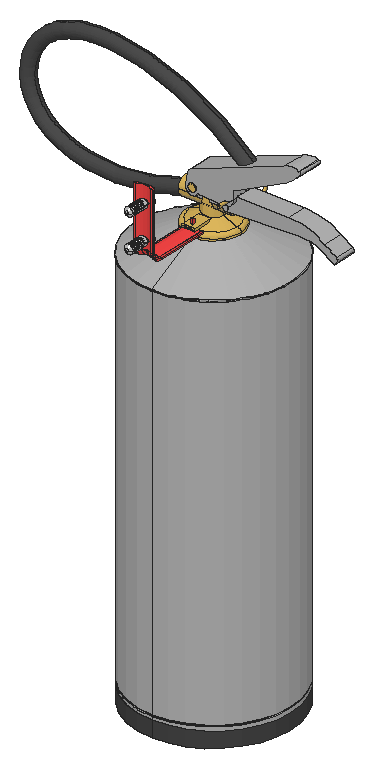
Revit family "Extintor Portátil - K", category Proteção contra incêndio, Revit 2026
Family settings
  Cota do conector redondo = Utilizar diâmetro
  Tipo de parte = Normal
  Com base no plano de trabalho = Não
  Ativar corte nas vistas = Sim
  Sempre na vertical = Sim
  Corte com vazios quando carregada = Não
  Manter orientação da anotação = Não
  Compartilhado = Sim
  Ponto de cálculo do ambiente = Não
Parameters (values of type "2A-K - 6 L")
  Tipo de imagem = extintor k.png
  Tipo = "K"
  SÍMBOLO = yes
  Sinalização de Solo [instance] = no
  Pernambuco = no
  Mato Grosso = no
  IMAGEM SIMBOLO PERNAMBUCO = 0
  IMAGEM SIMBOLO MATO GROSSO = 0
  IMAGEM SIMBOLO DISTRITO FEDERAL = 0
  IMAGEM SIMBOLO DEMAIS ESTADOS = 0
  Formato = "Portátil"
  Distrito Federal = no
  Desloc. Frente [instance] = 20.00 cm
  Desloc. Esquerda [instance] = 0.00 cm
  Descrição = "Extintor Portátil - 2-A:K - 6 L"
  Elevação padrão = 0.00 cm
  DESCRIÇÃO DO MATERIAL = Descrição  # "Extintor Portátil - 2-A:K - 6 L"
  Type Comments = ""
  Demais estados = yes
  Carga = "6 L"
  Capacidade Extintora = "2-A:K"
  Altura Instalada = 160.00 cm
Types (2, lengths in cm): name | Descrição | DESCRIÇÃO DO MATERIAL | Capacidade Extintora
  1A-K - 6 L | "Extintor Portátil - 1-A:K - 6 L" | "Extintor Portátil - 1-A:K - 6 L" | "1-A:K"
  2A-K - 6 L | "Extintor Portátil - 2-A:K - 6 L" | "Extintor Portátil - 2-A:K - 6 L" | "2-A:K"
Reference planes (cm)
  plane 1 "Centro (Frente/Trás)": y = 0
  plane 2: z = 0
  plane 3 "Centro (Esquerda/Direita)": x = 0
  plane 4: z = 160
  plane 5: z = 114.8285
Forms (cm)
  Revolve 1, solid, material "LATÃO", not visible
    sketch origin (512.5, 9.4644, -108.8868) x (1, 0, 0) y (0, 0, -1)
      loop
        line (-515.352, -267.1402) -> (-515.352, -267.3086)
        arc (-515.352, -267.3086) -> (-515.2378, -267.604) -> (-514.9545, -267.7457) r 0.4391
        line (-514.9545, -267.7457) -> (-513.5976, -268.3784) -> (-513.5976, -270.9598) -> (-512.5, -270.9598) -> (-512.5, -267.1402) -> (-515.352, -267.1402)
      axis (-512.5, -270.9598) -> (-512.5, -267.1402)
    angle from 0 to 360
  Extrusion 2, solid, material "LATÃO", not visible
    sketch origin (0, -8.5356, -108.8868) x (0, 1, 0) y (0, 0, -1)
      loop
        circle (18, -269.8519) r 1
    from -2.2901 to 2.852
  Extrusion 3, solid, material "Pintura Vermelha", not visible
    sketch origin (512.5, 11.7385, -108.8868) x (1, 0, 0) y (0, 0, -1)
      loop
        line (-514.431, -270.7615) -> (-514.2399, -271.8201)
        arc (-514.2399, -271.8201) -> (-514.07, -272.1841) -> (-513.7426, -272.4168) r 0.7871
        line (-513.7426, -272.4168) -> (-504.0905, -276.0508)
        arc (-504.0905, -276.0508) -> (-503.3249, -276.2128) -> (-502.5558, -276.0688) r 2
        line (-502.5558, -276.0688) -> (-502.4623, -276.0312)
        arc (-502.4623, -276.0312) -> (-502.359, -275.9073) -> (-502.4054, -275.7529) r 0.1702
        line (-502.4054, -275.7529) -> (-502.8188, -275.3394)
        arc (-502.8188, -275.3394) -> (-503.3151, -274.918) -> (-503.8731, -274.5828) r 4
        line (-503.8731, -274.5828) -> (-509.346, -271.8744) -> (-509.346, -271.0161)
        arc (-509.346, -271.0161) -> (-509.5312, -270.5072) -> (-510.0002, -270.2364) r 0.7917
        line (-510.0002, -270.2364) -> (-510.5886, -270.1327) -> (-513.1244, -270.31)
        arc (-513.1244, -270.31) -> (-513.9703, -269.9786) -> (-514.431, -270.7615) r 0.7
      loop
        circle (-513.7416, -270.6402) r 0.3999
      loop
        circle (-510.1681, -270.511) r 0.174
    from -3.5171 to -1.0457
  Extrusion 4, solid, material "Pintura Vermelha", not visible
    sketch origin (512.5, 11.7385, -108.8868) x (1, 0, 0) y (0, 0, -1)
      loop
        line (-514.4685, -270.738) -> (-514.2111, -271.6263)
        arc (-514.2111, -271.6263) -> (-514.1084, -271.7833) -> (-513.931, -271.8441) r 0.289
        line (-513.931, -271.8441) -> (-509.9322, -271.8441)
        arc (-509.9322, -271.8441) -> (-509.5653, -271.7141) -> (-509.3622, -271.382) r 0.5825
        line (-509.3622, -271.382) -> (-509.3259, -271.2101) -> (-503.785, -271.2101)
        arc (-503.785, -271.2101) -> (-501.8304, -270.9093) -> (-500.0567, -270.0346) r 6.5
        line (-500.0567, -270.0346) -> (-498.8325, -269.1774)
        arc (-498.8325, -269.1774) -> (-498.7163, -268.9761) -> (-498.7958, -268.7576) r 0.275
        line (-498.7958, -268.7576) -> (-499.0612, -268.4922) -> (-500.8253, -269.5254)
        arc (-500.8253, -269.5254) -> (-501.7717, -269.8338) -> (-502.7644, -269.9058) r 4.1122
        line (-502.7644, -269.9058) -> (-510.4608, -269.5288) -> (-510.7626, -269.8306) -> (-513.8876, -269.8306)
        arc (-513.8876, -269.8306) -> (-514.3665, -270.1636) -> (-514.4685, -270.738) r 0.7603
      loop
        circle (-513.7416, -270.6402) r 0.3999
      loop
        circle (-510.1792, -270.5042) r 0.2205
    from -3.3101 to -1.2023
  Extrusion 5, solid, material "LATÃO", not visible, detail levels medium+fine
    sketch origin (512.5, 13.2385, -108.2618) x (1, 0, 0) y (0, 0, -1)
      loop
        circle (-512.5, -269.2509) r 1.5
    from -1.2576 to -0.9824
  Sweep 6, solid, material "MANGUEIRA EXTINTOR", not visible
    path origin (512.5, 9.4099, -108.8868) x (1, 0, 0) y (0, 0, -1)
      loop
        spline (-514.8263, -269.8635) -> (-519.9522, -268.4972) -> (-524.5272, -268.3983) -> (-528.2055, -269.3959) -> (-530.6532, -271.3101) -> (-531.7331, -273.8106) -> (-531.4716, -276.4419) -> (-529.9001, -278.7449) -> (-527.05, -280.2603) -> (-523.041, -280.6093) -> (-518.283, -279.6772) -> (-513.2454, -277.403) -> (-508.3975, -273.7263)
    profile origin (-18.9716, 9.4099, 167.5551) x (0.940178, 0, -0.340682) y (0, 1, 0)
      loop
        circle (0, 0) r 0.7064
  Extrusion 7, solid, material "LATÃO", not visible
    sketch origin (512.5, 11.7385, -1.7466) x (1, 0, 0) y (0, 0, -1)
      loop
        circle (-513.7416, -163.5) r 0.3999
    from -3.5547 to -1.0118
  Sweep 8, solid, material "LATÃO", not visible
    path origin (-10.6073, 13.9644, 176.5919) x (-0.653611, 0, 0.756831) y (0, 1, 0)
      loop
        line (-19.7675, -6.7287) -> (-19.7675, -3.2287)
        arc (-19.7675, -3.2287) -> (-19.8376, -3.0235) -> (-20.0186, -2.9042) r 0.3352
        arc (-20.0186, -2.9042) -> (-19.7105, -0.9379) -> (-19.6283, -2.9265) r 1
    profile origin (2.3129, 8.9857, 161.6312) x (0.653611, 0, -0.756831) y (-0.756831, 0, -0.653611)
      loop
        circle (0, 0) r 0.1386
  Extrusion 9, solid, material "LATÃO", not visible
    sketch origin (0, 3.4644, -0.5084) x (0, 1, 0) y (0, 0, 1)
      loop
        line (4.8999, 160) -> (2.7614, 160)
        arc (2.7614, 160) -> (2.6976, 159.9769) -> (2.6634, 159.9183) r 0.0996
        line (2.6634, 159.9183) -> (2.6634, 159.8172)
        arc (2.6634, 159.8172) -> (2.6946, 159.7514) -> (2.7624, 159.7247) r 0.0992
        line (2.7624, 159.7247) -> (4.3095, 159.7247) -> (4.8999, 160)
    from -0.6244 to 0.6912
  Extrusion 10, void, not visible
    sketch origin (0, 0.2973, -1.1737) x (1, 0, 0) y (0, 1, 0)
      loop
        circle (-0.0064, 6.4293) r 0.2336
    from 160.2 to 160.7791
  Revolve 11, solid, material "Extintor K"
    sketch origin (0, 0, 0) x (0, 1, 0) y (0, 0, 1)
      loop
        line (9.1671, 159.4271) -> (9.1671, 116.4981) -> (17.1671, 116.4981) -> (17.1671, 116.8285) -> (16.9679, 116.8285) -> (16.9679, 117.0285) -> (17.1671, 117.0285) -> (17.1671, 156.6535)
        arc (17.1671, 156.6535) -> (17.2243, 156.6689) -> (17.2659, 156.711) r 0.1136
        arc (17.2659, 156.711) -> (17.2691, 156.7524) -> (17.2392, 156.7812) r 0.0487
        line (17.2392, 156.7812) -> (12.0191, 159.4271) -> (9.1671, 159.4271)
      axis (9.1671, 159.4271) -> (9.1671, 116.4981)
    angle from 0 to 360
  Revolve 12, solid, material "Cor Preta"
    sketch origin (0, 0, 0) x (0, 1, 0) y (0, 0, 1)
      loop
        line (9.1671, 116.4981) -> (9.1671, 114.8285) -> (17.1671, 114.8285) -> (17.1671, 116.4981) -> (9.1671, 116.4981)
      axis (9.1671, 116.4981) -> (9.1671, 114.8285)
    angle from 0 to 360
  Revolve 13, solid, material "LATÃO"
    sketch origin (512.5, 9.1671, -107.7131) x (1, 0, 0) y (0, 0, -1)
      loop
        line (-515.352, -267.1402) -> (-515.352, -267.3086)
        arc (-515.352, -267.3086) -> (-515.2378, -267.604) -> (-514.9545, -267.7457) r 0.4391
        line (-514.9545, -267.7457) -> (-513.5976, -268.3784) -> (-513.5976, -270.9598) -> (-512.5, -270.9598) -> (-512.5, -267.1402) -> (-515.352, -267.1402)
      axis (-512.5, -270.9598) -> (-512.5, -267.1402)
    angle from 0 to 360
  Extrusion 14, solid, material "LATÃO"
    sketch origin (0, -8.8329, -107.7131) x (0, 1, 0) y (0, 0, -1)
      loop
        circle (18, -269.8519) r 1
    from -2.2901 to 2.852
  Extrusion 15, solid, material "Extintor K"
    sketch origin (512.5, 11.4412, -107.7131) x (1, 0, 0) y (0, 0, -1)
      loop
        line (-514.431, -270.7615) -> (-514.2399, -271.8201)
        arc (-514.2399, -271.8201) -> (-514.07, -272.1841) -> (-513.7426, -272.4168) r 0.7871
        line (-513.7426, -272.4168) -> (-504.0905, -276.0508)
        arc (-504.0905, -276.0508) -> (-503.3249, -276.2128) -> (-502.5558, -276.0688) r 2
        line (-502.5558, -276.0688) -> (-502.4623, -276.0312)
        arc (-502.4623, -276.0312) -> (-502.359, -275.9073) -> (-502.4054, -275.7529) r 0.1702
        line (-502.4054, -275.7529) -> (-502.8188, -275.3394)
        arc (-502.8188, -275.3394) -> (-503.3151, -274.918) -> (-503.8731, -274.5828) r 4
        line (-503.8731, -274.5828) -> (-509.346, -271.8744) -> (-509.346, -271.0161)
        arc (-509.346, -271.0161) -> (-509.5312, -270.5072) -> (-510.0002, -270.2364) r 0.7917
        line (-510.0002, -270.2364) -> (-510.5886, -270.1327) -> (-513.1244, -270.31)
        arc (-513.1244, -270.31) -> (-513.9703, -269.9786) -> (-514.431, -270.7615) r 0.7
      loop
        circle (-513.7416, -270.6402) r 0.3999
      loop
        circle (-510.1681, -270.511) r 0.174
    from -3.5171 to -1.0457
  Extrusion 16, solid, material "Extintor K"
    sketch origin (512.5, 11.4412, -107.7131) x (1, 0, 0) y (0, 0, -1)
      loop
        line (-514.4685, -270.738) -> (-514.2111, -271.6263)
        arc (-514.2111, -271.6263) -> (-514.1084, -271.7833) -> (-513.931, -271.8441) r 0.289
        line (-513.931, -271.8441) -> (-509.9322, -271.8441)
        arc (-509.9322, -271.8441) -> (-509.5653, -271.7141) -> (-509.3622, -271.382) r 0.5825
        line (-509.3622, -271.382) -> (-509.3259, -271.2101) -> (-503.785, -271.2101)
        arc (-503.785, -271.2101) -> (-501.8304, -270.9093) -> (-500.0567, -270.0346) r 6.5
        line (-500.0567, -270.0346) -> (-498.8325, -269.1774)
        arc (-498.8325, -269.1774) -> (-498.7163, -268.9761) -> (-498.7958, -268.7576) r 0.275
        line (-498.7958, -268.7576) -> (-499.0612, -268.4922) -> (-500.8253, -269.5254)
        arc (-500.8253, -269.5254) -> (-501.7717, -269.8338) -> (-502.7644, -269.9058) r 4.1122
        line (-502.7644, -269.9058) -> (-510.4608, -269.5288) -> (-510.7626, -269.8306) -> (-513.8876, -269.8306)
        arc (-513.8876, -269.8306) -> (-514.3665, -270.1636) -> (-514.4685, -270.738) r 0.7603
      loop
        circle (-513.7416, -270.6402) r 0.3999
      loop
        circle (-510.1792, -270.5042) r 0.2205
    from -3.3101 to -1.2023
  Extrusion 17, solid, material "LATÃO"
    sketch origin (512.5, 12.9412, -107.0881) x (1, 0, 0) y (0, 0, -1)
      loop
        circle (-512.5, -269.2509) r 1.5
    from -1.2576 to -0.9824
  Sweep 18, solid, material "MANGUEIRA EXTINTOR"
    path origin (512.5, 9.1126, -107.7131) x (1, 0, 0) y (0, 0, -1)
      loop
        spline (-514.8263, -269.8635) -> (-519.9522, -268.4972) -> (-524.5272, -268.3983) -> (-528.2055, -269.3959) -> (-530.6532, -271.3101) -> (-531.7331, -273.8106) -> (-531.4716, -276.4419) -> (-529.9001, -278.7449) -> (-527.05, -280.2603) -> (-523.041, -280.6093) -> (-518.283, -279.6772) -> (-513.2454, -277.403) -> (-508.3975, -273.7263)
    profile origin (-18.9716, 9.1126, 168.7288) x (0.940178, 0, -0.340682) y (0, 1, 0)
      loop
        circle (0, 0) r 0.7064
  Extrusion 19, solid, material "LATÃO"
    sketch origin (512.5, 11.4412, -0.5729) x (1, 0, 0) y (0, 0, -1)
      loop
        circle (-513.7416, -163.5) r 0.3999
    from -3.5547 to -1.0118
  Sweep 20, solid, material "LATÃO"
    path origin (-10.6073, 13.6671, 177.7656) x (-0.653611, 0, 0.756831) y (0, 1, 0)
      loop
        line (-19.7675, -6.7287) -> (-19.7675, -3.2287)
        arc (-19.7675, -3.2287) -> (-19.8376, -3.0235) -> (-20.0186, -2.9042) r 0.3352
        arc (-20.0186, -2.9042) -> (-19.7105, -0.9379) -> (-19.6283, -2.9265) r 1
    profile origin (2.3129, 8.6884, 162.8049) x (0.653611, 0, -0.756831) y (-0.756831, 0, -0.653611)
      loop
        circle (0, 0) r 0.1386
  Extrusion 21, solid, material "LATÃO"
    sketch origin (0, 3.1671, 0.6653) x (0, 1, 0) y (0, 0, 1)
      loop
        line (4.8999, 160) -> (2.7614, 160)
        arc (2.7614, 160) -> (2.6976, 159.9769) -> (2.6634, 159.9183) r 0.0996
        line (2.6634, 159.9183) -> (2.6634, 159.8172)
        arc (2.6634, 159.8172) -> (2.6946, 159.7514) -> (2.7624, 159.7247) r 0.0992
        line (2.7624, 159.7247) -> (4.3095, 159.7247) -> (4.8999, 160)
    from -0.6244 to 0.6912
  Extrusion 22, solid, material "Sinalização de Solo - Vermelho", visible <- "Sinalização de Solo", detail levels fine
    sketch origin (0, 0, 0) x (1, 0, 0) y (0, 1, 0)
      loop
        line (-35, 15) -> (35, 15) -> (35, 85) -> (-35, 85) -> (-35, 15)
    from 0 to 0.1
  Extrusion 23, solid, material "Sinalização de Solo - Amarela", visible <- "Sinalização de Solo", detail levels fine
    sketch origin (0, 0, 0) x (1, 0, 0) y (0, 1, 0)
      loop
        line (-50, 0) -> (50, 0) -> (50, 100) -> (-50, 100) -> (-50, 0)
      loop
        line (-35, 15) -> (35, 15) -> (35, 85) -> (-35, 85) -> (-35, 15)
    from 0 to 0.1
Dimensions and locks (cm)
  "Altura Instalada": plane 4 to level
  locked: plane 5 to plane 4 at 45.1715
  "Desloc. Frente": plane 1 "Centro (Frente/Trás)" to nested 4
  "Desloc. Frente": plane 1 "Centro (Frente/Trás)" to nested 5
  "Desloc. Frente": plane 1 "Centro (Frente/Trás)" to nested 6
  "Desloc. Esquerda": nested 4 to plane 3 "Centro (Esquerda/Direita)"
  "Desloc. Esquerda": nested 5 to plane 3 "Centro (Esquerda/Direita)"
  "Desloc. Esquerda": nested 6 to plane 3 "Centro (Esquerda/Direita)"
  "Desloc. Frente": plane 1 "Centro (Frente/Trás)" to nested 7
  "Desloc. Esquerda": nested 7 to plane 3 "Centro (Esquerda/Direita)"
  aligned and locked: level to plane 2
Automatic sketch dimensions
  Revolve 11 sketch curve to plane 4 = 0.5729 cm
  Revolve 11 sketch curve to plane 1 "Centro (Frente/Trás)" = 9.1671 cm
  Revolve 11 sketch curve to Revolve 11 sketch curve = 2.852 cm
  plane 5 to Revolve 11 sketch curve = 2.20 cm
  Revolve 11 sketch curve to Revolve 11 sketch curve = 7.8008 cm
  Revolve 11 sketch curve to Revolve 11 sketch curve = 0.1992 cm  (x2)
  Revolve 11 sketch curve to Revolve 11 sketch curve = 0.0564 cm
  Revolve 11 sketch curve to plane 4 = 3.2188 cm
  Revolve 11 sketch curve to Revolve 11 sketch curve = 0.0157 cm
  Revolve 11 sketch curve to Revolve 11 sketch curve = 0.20 cm
  plane 5 to Revolve 11 sketch curve = 1.6697 cm
  Revolve 11 sketch curve to Revolve 11 sketch curve = 0.1277 cm
  Revolve 11 sketch curve to Revolve 11 sketch curve = 0.0461 cm
  Revolve 11 sketch curve to Revolve 11 sketch curve = 0.032 cm
  Revolve 11 sketch curve to Revolve 11 sketch curve = 0.00 cm  (x2)
  Revolve 11 sketch curve to Revolve 11 sketch curve = 0.3303 cm
  Revolve 12 sketch curve to plane 5 = 0.00 cm  (x2)
  plane 5 to Revolve 12 sketch curve = 1.6697 cm
  Revolve 12 sketch curve to plane 1 "Centro (Frente/Trás)" = 9.1671 cm
  Revolve 12 sketch curve to Revolve 12 sketch curve = 8.00 cm
  Revolve 12 sketch curve to Revolve 12 sketch curve = 0.00 cm
  Revolve 12 sketch curve to Revolve 12 sketch curve = 0.3303 cm
  Revolve 13 sketch curve to plane 3 "Centro (Esquerda/Direita)" = 0.00 cm  (x2)
  Revolve 13 sketch curve to Revolve 13 sketch curve = 1.0976 cm
  Revolve 13 sketch curve to plane 4 = 0.4045 cm
  Revolve 13 sketch curve to Revolve 13 sketch curve = 1.3153 cm
  plane 4 to Revolve 13 sketch curve = 0.0326 cm
  Revolve 13 sketch curve to Revolve 13 sketch curve = 0.0416 cm
  plane 4 to Revolve 13 sketch curve = 0.6653 cm
  Revolve 13 sketch curve to Revolve 13 sketch curve = 2.5813 cm
  Revolve 13 sketch curve to plane 4 = 0.5729 cm
  Revolve 13 sketch curve to Revolve 13 sketch curve = 0.2882 cm
  Revolve 13 sketch curve to Revolve 13 sketch curve = 0.9686 cm
  plane 4 to Extrusion 14 sketch curve = 2.1388 cm
  Extrusion 14 sketch curve to plane 1 "Centro (Frente/Trás)" = 9.1671 cm
  Extrusion 15 sketch curve to Extrusion 15 sketch curve = 0.00 cm  (x2)
  Extrusion 15 sketch curve to plane 3 "Centro (Esquerda/Direita)" = 1.931 cm
  Extrusion 15 sketch curve to Extrusion 15 sketch curve = 0.1912 cm
  Extrusion 15 sketch curve to Extrusion 15 sketch curve = 0.4972 cm
  Extrusion 15 sketch curve to Extrusion 15 sketch curve = 0.6894 cm
  Extrusion 15 sketch curve to Extrusion 15 sketch curve = 0.7746 cm
  Extrusion 15 sketch curve to plane 3 "Centro (Esquerda/Direita)" = 0.6244 cm
  plane 3 "Centro (Esquerda/Direita)" to Extrusion 15 sketch curve = 1.9114 cm
  Extrusion 15 sketch curve to Extrusion 15 sketch curve = 0.4204 cm
  Extrusion 15 sketch curve to Extrusion 15 sketch curve = 0.0305 cm
  Extrusion 15 sketch curve to Extrusion 15 sketch curve = 0.1679 cm
  Extrusion 15 sketch curve to Extrusion 15 sketch curve = 0.7917 cm
  plane 3 "Centro (Esquerda/Direita)" to Extrusion 15 sketch curve = 6.8527 cm
  Extrusion 15 sketch curve to Extrusion 15 sketch curve = 1.5568 cm
  Extrusion 15 sketch curve to Extrusion 15 sketch curve = 0.2174 cm
  Extrusion 15 sketch curve to Extrusion 15 sketch curve = 0.5716 cm
  Extrusion 15 sketch curve to Extrusion 15 sketch curve = 0.4827 cm
  Extrusion 15 sketch curve to Extrusion 15 sketch curve = 0.2631 cm
  Extrusion 15 sketch curve to Extrusion 15 sketch curve = 0.0301 cm
  Extrusion 15 sketch curve to Extrusion 15 sketch curve = 0.0935 cm
  Extrusion 15 sketch curve to Extrusion 15 sketch curve = 0.1204 cm
  plane 4 to Extrusion 15 sketch curve = 10.4547 cm
  Extrusion 15 sketch curve to Extrusion 15 sketch curve = 2.0991 cm
  Extrusion 15 sketch curve to Extrusion 15 sketch curve = 0.018 cm
  Extrusion 15 sketch curve to Extrusion 15 sketch curve = 0.0376 cm
  Extrusion 15 sketch curve to Extrusion 15 sketch curve = 0.1579 cm
  Extrusion 15 sketch curve to Extrusion 15 sketch curve = 0.4135 cm
  plane 4 to Extrusion 15 sketch curve = 4.7037 cm
  plane 4 to Extrusion 15 sketch curve = 4.1613 cm
  Extrusion 15 sketch curve to Extrusion 15 sketch curve = 0.5967 cm
  Extrusion 15 sketch curve to Extrusion 15 sketch curve = 0.8584 cm
  Extrusion 15 sketch curve to Extrusion 15 sketch curve = 1.0586 cm
  Extrusion 15 sketch curve to Extrusion 15 sketch curve = 0.1213 cm
  Extrusion 15 sketch curve to Extrusion 15 sketch curve = 0.2746 cm
  Extrusion 15 sketch curve to Extrusion 15 sketch curve = 0.3783 cm
  Extrusion 16 sketch curve to plane 3 "Centro (Esquerda/Direita)" = 1.9685 cm
  Extrusion 16 sketch curve to Extrusion 16 sketch curve = 0.2574 cm
  Extrusion 16 sketch curve to Extrusion 16 sketch curve = 0.2801 cm
  Extrusion 16 sketch curve to Extrusion 16 sketch curve = 0.5809 cm
  Extrusion 16 sketch curve to Extrusion 16 sketch curve = 0.7269 cm
  Extrusion 16 sketch curve to Extrusion 16 sketch curve = 0.0154 cm
  plane 3 "Centro (Esquerda/Direita)" to Extrusion 16 sketch curve = 1.7374 cm
  Extrusion 16 sketch curve to Extrusion 16 sketch curve = 0.3018 cm  (x2)
  Extrusion 16 sketch curve to Extrusion 16 sketch curve = 0.5834 cm
  Extrusion 16 sketch curve to Extrusion 16 sketch curve = 0.2471 cm
  Extrusion 16 sketch curve to Extrusion 16 sketch curve = 0.57 cm
  Extrusion 16 sketch curve to Extrusion 16 sketch curve = 0.0363 cm
  Extrusion 16 sketch curve to plane 4 = 3.003 cm
  Extrusion 16 sketch curve to Extrusion 16 sketch curve = 6.6758 cm
  plane 4 to Extrusion 16 sketch curve = 2.1927 cm
  Extrusion 16 sketch curve to Extrusion 16 sketch curve = 1.0206 cm
  Extrusion 16 sketch curve to Extrusion 16 sketch curve = 1.2217 cm
  plane 4 to Extrusion 16 sketch curve = 1.8123 cm
  Extrusion 16 sketch curve to Extrusion 16 sketch curve = 1.9391 cm
  plane 4 to Extrusion 16 sketch curve = 2.3215 cm
  Extrusion 16 sketch curve to Extrusion 16 sketch curve = 0.7686 cm
  plane 4 to Extrusion 16 sketch curve = 0.7791 cm
  Extrusion 16 sketch curve to Extrusion 16 sketch curve = 0.9955 cm
  Extrusion 16 sketch curve to Extrusion 16 sketch curve = 0.0709 cm
  plane 4 to Extrusion 16 sketch curve = 1.4643 cm
  Extrusion 16 sketch curve to Extrusion 16 sketch curve = 0.1578 cm
  plane 4 to Extrusion 16 sketch curve = 1.0445 cm
  Extrusion 16 sketch curve to Extrusion 16 sketch curve = 0.1945 cm
  Extrusion 16 sketch curve to Extrusion 16 sketch curve = 0.0515 cm
  Extrusion 16 sketch curve to Extrusion 16 sketch curve = 0.1719 cm
  Extrusion 16 sketch curve to Extrusion 16 sketch curve = 0.289 cm
  Extrusion 16 sketch curve to Extrusion 16 sketch curve = 0.8883 cm
  Extrusion 16 sketch curve to Extrusion 16 sketch curve = 0.0978 cm
  Extrusion 16 sketch curve to Extrusion 16 sketch curve = 0.0666 cm
  Extrusion 16 sketch curve to Extrusion 16 sketch curve = 0.7574 cm
  Extrusion 17 sketch curve to plane 3 "Centro (Esquerda/Direita)" = 0.00 cm
  plane 4 to Extrusion 17 sketch curve = 2.1628 cm
  Sweep 18 sketch curve to plane 3 "Centro (Esquerda/Direita)" = 2.3263 cm
  plane 4 to Sweep 18 sketch curve = 6.0132 cm
  plane 3 "Centro (Esquerda/Direita)" to Sweep 18 sketch curve = 4.1025 cm
  plane 4 to Sweep 18 sketch curve = 2.1504 cm
  Sweep 18 sketch curve to profile plane = 0.00 cm  (x2)
  Extrusion 19 sketch curve to plane 3 "Centro (Esquerda/Direita)" = 1.2416 cm
  plane 4 to Extrusion 19 sketch curve = 2.9271 cm
  Sweep 20 sketch curve to plane 1 "Centro (Frente/Trás)" = 10.4384 cm
  Sweep 20 sketch curve to Sweep 20 sketch curve = 0.3352 cm  (x2)
  Sweep 20 sketch curve to Sweep 20 sketch curve = 1.2925 cm
  Sweep 20 sketch curve to Sweep 20 sketch curve = 0.00 cm
  Sweep 20 sketch curve to Sweep 20 sketch curve = 0.1392 cm
  Sweep 20 sketch curve to Sweep 20 sketch curve = 3.50 cm
  profile plane to Sweep 20 sketch curve = 0.00 cm  (x2)
  plane 4 to Extrusion 21 sketch curve = 0.5836 cm
  Extrusion 21 sketch curve to plane 1 "Centro (Frente/Trás)" = 5.8305 cm
  Extrusion 21 sketch curve to Extrusion 21 sketch curve = 0.098 cm
  Extrusion 21 sketch curve to Extrusion 21 sketch curve = 0.099 cm
  plane 4 to Extrusion 21 sketch curve = 0.39 cm
  Extrusion 21 sketch curve to Extrusion 21 sketch curve = 1.5471 cm
  plane 4 to Extrusion 21 sketch curve = 0.6653 cm
  Extrusion 21 sketch curve to Extrusion 21 sketch curve = 0.5904 cm
  Extrusion 21 sketch curve to Extrusion 21 sketch curve = 0.101 cm
  Extrusion 22 sketch curve to plane 3 "Centro (Esquerda/Direita)" = 35.00 cm
  plane 3 "Centro (Esquerda/Direita)" to Extrusion 22 sketch curve = 35.00 cm
  Extrusion 22 sketch curve to plane 1 "Centro (Frente/Trás)" = 15.00 cm
  Extrusion 22 sketch curve to Extrusion 22 sketch curve = 70.00 cm
  plane 1 "Centro (Frente/Trás)" to Extrusion 23 sketch curve = 0.00 cm
  Extrusion 23 sketch curve to plane 3 "Centro (Esquerda/Direita)" = 50.00 cm
  Extrusion 23 sketch curve to Extrusion 23 sketch curve = 15.00 cm  (x3)
  Extrusion 23 sketch curve to plane 1 "Centro (Frente/Trás)" = 15.00 cm
  plane 3 "Centro (Esquerda/Direita)" to Extrusion 23 sketch curve = 35.00 cm
  Extrusion 23 sketch curve to Extrusion 23 sketch curve = 70.00 cm
  radius of Extrusion 14 sketch curve = 1.00 cm
  radius of Extrusion 15 sketch curve = 0.3999 cm
  radius of Extrusion 15 sketch curve = 0.174 cm
  radius of Extrusion 16 sketch curve = 0.3999 cm
  radius of Extrusion 16 sketch curve = 0.2205 cm
  radius of Extrusion 17 sketch curve = 1.50 cm
  radius of Sweep 18 sketch curve = 0.7064 cm
  radius of Extrusion 19 sketch curve = 0.3999 cm
  radius of Sweep 20 sketch curve = 0.1386 cm
Nested families (cm)
  nested 1: "Suporte Universal de Extintor" at (0, 0, 160) x (0, -1, 0) z (0, 0, 1), type "Suporte Universal de Extintor"
  nested 2: "Parafuso Nº 08 com Bucha 08" at (-0.0069, 0.3919, 161.8745) x (1, 0.004, 0) z (-0.004, 1, 0), type "Parafuso Nº 08 - Bucha Nº 08"
  nested 3: "Parafuso Nº 08 com Bucha 08" at (-0.0002, 0.3922, 165.3708) x (1, 0.0002, 0) z (-0.0002, 1, 0), type "Parafuso Nº 08 - Bucha Nº 08"
  nested 4: "CARGA K" at (0, 20, 0) x (-1, 0, 0) z (0, 0, 1), visible <- "Demais estados", type "CARGA K", detail levels coarse+medium
    with Esc. Símbolo - 1/100~200 no, Desloc. Frente 0.00 cm, Desloc. Esquerda 0.00 cm
  nested 5: "EXTINTOR - CARGA DE PÓ CO2 1-100 - DF" at (0, 20, 0), visible <- "Distrito Federal", type "EXTINTOR - CARGA DE PÓ CO2 1-100 - DF", detail levels coarse+medium
    with Esc. Símbolo - 1/100~200 yes, Desloc. Frente 0.00 cm, Desloc. Esquerda 1.4171 cm
  nested 6: "EXTINTOR - CARGA DE PÓ CO2 1-100 - PE" at (0, 20, 0), visible <- "Pernambuco", type "EXTINTOR - CARGA DE PÓ CO2 1-100 - PE", detail levels coarse+medium
    with Esc. Símbolo - 1/100~200 yes, Desloc. Frente 0.00 cm, Desloc. Esquerda 1.4171 cm
  nested 7: "CARGA K" at (0, 20, 0) x (-1, 0, 0) z (0, 0, 1), visible <- "Mato Grosso", type "CARGA K", detail levels coarse+medium
    with Esc. Símbolo - 1/100~200 no, Desloc. Frente 0.00 cm, Desloc. Esquerda 0.00 cm
Definition of nested family "Suporte Universal de Extintor"
  Parameters (values of type "Suporte Universal de Extintor")
    Default Elevation = 121.92 cm
    Description = "Suporte Universal"
  Reference planes (cm)
    plane 1 "Centro (Frente/Trás)": y = 0
    plane 2: z = 0
    plane 3 "Centro (Esquerda/Direita)": x = 0
  Forms (cm)
    Sweep 1, solid, detail levels fine
      path origin (0, -0.0046, 0) x (-1, 0, 0) y (0, 0, -1)
        loop
          line (6.5, 0) -> (0.9978, 0)
          arc (0.9978, 0) -> (0.2923, -0.2923) -> (0, -0.9978) r 0.9978
          line (0, -0.9978) -> (0, -7)
      profile origin (-3.7489, -0.0046, 0) x (0, 0, 1) y (0, -1, 0)
        loop
          line (0, 0.9938) -> (0, 0.798)
          arc (0, 0.798) -> (0.2, -0.0031) -> (0, -0.8041) r 1.7043
          line (0, -0.8041) -> (0, -1) -> (0.0993, -1)
          arc (0.0993, -1) -> (0.1705, -0.9705) -> (0.2, -0.8993) r 0.1007
          line (0.2, -0.8993) -> (0.2, -0.7983)
          arc (0.2, -0.7983) -> (0.3905, -0.0047) -> (0.2, 0.789) r 1.7487
          line (0.2, 0.789) -> (0.2, 0.8899)
          arc (0.2, 0.8899) -> (0.1696, 0.9634) -> (0.0961, 0.9938) r 0.1039
          line (0.0961, 0.9938) -> (0, 0.9938)
    Extrusion 2, void
      sketch origin (0, -0.0015, 0.0031) x (0, 1, 0) y (0, 0, -1)
        loop
          circle (0, -5.3731) r 0.3
        loop
          circle (0, -1.8731) r 0.3
      from 0.0451 to 0.4141
    Extrusion 3, void
      sketch origin (0, -0.0015, 0.0031) x (-1, 0, 0) y (0, -1, 0)
        loop
          circle (1.8404, 0) r 0.3
        loop
          circle (4.8404, 0) r 0.3
      from 0.0525 to 0.4326
    Sweep 4, solid, detail levels fine
      path origin (0, -0.0015, 0.0031) x (-1, 0, 0) y (0, -1, 0)
        loop
          line (0, -0.2529) -> (0, 0.2471)
      profile origin (0, 0.0015, 0.0031) x (1, 0, 0) y (0, 0, 1)
        loop
          arc (-0.9978, 0.109) -> (-0.4067, 0.3993) -> (-0.1252, 0.9947) r 0.9978
          line (-0.1252, 0.9947) -> (-0.4658, 0.9947)
          arc (-0.4658, 0.9947) -> (-0.842, 0.8389) -> (-0.9978, 0.4627) r 0.532
          line (-0.9978, 0.4627) -> (-0.9978, 0.109)
    Sweep 5, solid, detail levels fine
      path in 3D
        loop
          arc (-6.5, -0.0989, 0.3877) -> (-6.5, -0.0003, 0.3905) -> (-6.5, 0.0984, 0.3877) r 1.7487
      profile origin (-6.5, -0.0003, 0.3905) x (-1, 0, 0) y (0, -0.000219, 1)
        loop
          line (0, 0) -> (0, 0.6637)
          arc (0, 0.6637) -> (-0.0242, 0.7221) -> (-0.0827, 0.7463) r 0.0827
          line (-0.0827, 0.7463) -> (-0.1624, 0.7463) -> (-0.1624, 0) -> (0, 0)
  Cuts and joins
    Extrusion 2 cuts Sweep 1
  Lines and regions (cm)
    sketch lines
      curve 1: arc (-6.5, -0.0989, 0.3877) -> (-6.5, -0.0003, 0.3905) -> (-6.5, 0.0984, 0.3877) r 1.7487
  Dimensions and locks (cm)
    aligned and locked: level to plane 2
  Nested families (cm)
    nested 1: "Parafuso Nº 08 com Bucha 08" at (-0.3919, -0.0069, 1.8745) x (-0.004, 1, 0) z (-1, -0.004, 0), type "Parafuso Nº 08 - Bucha Nº 08", detail levels fine
    nested 2: "Parafuso Nº 08 com Bucha 08" at (-0.3922, -0.0002, 5.3708) x (-0.0002, 1, 0) z (-1, -0.0002, 0), type "Parafuso Nº 08 - Bucha Nº 08", detail levels fine
  Definition of nested family "Parafuso Nº 08 com Bucha 08"
    Parameters (values of type "Parafuso Nº 08 - Bucha Nº 08")
      Rede Social: = "@GAlves"
      Família Criada por: = "Geraldo G. Alves"
      Email p/ contato: = "geraldoalvesbim@gmail.com"
      Default Elevation = 0.00 cm
    Reference planes (cm)
      plane 1 "Centro (Frente/Trás)": y = 0
      plane 2: z = 0
      plane 3 "Centro (Esquerda/Direita)": x = 0
    Forms (cm)
      Revolve 1, solid, detail levels fine
        sketch origin (0, 0, 0) x (1, 0, 0) y (0, 0, 1)
          loop
            line (0, 0.3324) -> (0, -2.1985) -> (0.2983, -1.9001) -> (0.2983, -0.0012) -> (0.6054, -0.0012) -> (0.6054, 0.3324) -> (0, 0.3324)
          axis (0, 0.3324) -> (0, -2.1985)
        angle from 0 to 360
      Extrusion 2, void
        sketch origin (0, 0, 0) x (1, 0, 0) y (0, 1, 0)
          loop
            line (-0.6795, -0.0613) -> (0.7114, -0.0613)
            arc (0.7114, -0.0613) -> (0.7205, -0.0003) -> (0.72, 0.0613) r 0.4
            line (0.72, 0.0613) -> (-0.6819, 0.0613)
            arc (-0.6819, 0.0613) -> (-0.6854, -0.0001) -> (-0.6795, -0.0613) r 0.4
        from 0.0805 to 0.4173
      Revolve 3, solid, not visible
        sketch origin (0, 0, 0) x (1, 0, 0) y (0, 0, 1)
          loop
            line (0, 0.3324) -> (0, -1.2474) -> (0.202, -1.2474) -> (0.202, -0.0012) -> (0.4, -0.0012) -> (0.4, 0.3324) -> (0, 0.3324)
          axis (0, 0.3324) -> (0, -1.2474)
        angle from 0 to 360
      Extrusion 4, void, not visible
        sketch origin (0, 0, 0) x (1, 0, 0) y (0, 1, 0)
          loop
            line (-0.3953, -0.0613) -> (0.3953, -0.0613)
            arc (0.3953, -0.0613) -> (0.4, 0) -> (0.3953, 0.0613) r 0.4
            line (0.3953, 0.0613) -> (-0.3953, 0.0613)
            arc (-0.3953, 0.0613) -> (-0.4, 0) -> (-0.3953, -0.0613) r 0.4
        from 0.0805 to 0.4173
      Revolve 5, solid, detail levels fine
        sketch origin (0, 0, 0) x (1, 0, 0) y (0, 0, 1)
          loop
            line (0.2983, -0.4335) -> (0.2983, -2.2322) -> (0, -2.5012) -> (0.1701, -2.5012) -> (0.4477, -2.2509) -> (0.4477, -2.154) -> (0.3622, -2.154) -> (0.3622, -2.0652)
            arc (0.3622, -2.0652) -> (0.395, -1.9998) -> (0.4477, -1.949) r 0.2161
            line (0.4477, -1.949) -> (0.4477, -1.8673) -> (0.3622, -1.8673) -> (0.3622, -1.7785)
            arc (0.3622, -1.7785) -> (0.395, -1.7131) -> (0.4477, -1.6623) r 0.2161
            line (0.4477, -1.6623) -> (0.4477, -1.5807) -> (0.3622, -1.5807) -> (0.3622, -1.4918)
            arc (0.3622, -1.4918) -> (0.395, -1.4264) -> (0.4477, -1.3757) r 0.2161
            line (0.4477, -1.3757) -> (0.4477, -1.294) -> (0.3622, -1.294) -> (0.3622, -1.2051)
            arc (0.3622, -1.2051) -> (0.395, -1.1397) -> (0.4477, -1.089) r 0.2161
            line (0.4477, -1.089) -> (0.4477, -1.0073) -> (0.3622, -1.0073) -> (0.3622, -0.9184)
            arc (0.3622, -0.9184) -> (0.395, -0.853) -> (0.4477, -0.8023) r 0.2161
            line (0.4477, -0.8023) -> (0.4477, -0.4335) -> (0.2983, -0.4335)
          axis (0, -0.4335) -> (0, -2.5012)
        angle from 0 to 360
    Cuts and joins
      Extrusion 2 cuts Revolve 1
    Dimensions and locks (cm)
      Revolve 1 sketch curve to Revolve 1 sketch curve = 0.6054 cm
      aligned and locked: level to plane 2
Definition of nested family "Parafuso Nº 08 com Bucha 08"
  Parameters (values of type "Parafuso Nº 08 - Bucha Nº 08")
    Rede Social: = "@GAlves"
    Família Criada por: = "Geraldo G. Alves"
    Email p/ contato: = "geraldoalvesbim@gmail.com"
    Default Elevation = 0.00 cm
  Reference planes (cm)
    plane 1 "Centro (Frente/Trás)": y = 0
    plane 2: z = 0
    plane 3 "Centro (Esquerda/Direita)": x = 0
  Forms (cm)
    Revolve 1, solid, detail levels fine
      sketch origin (0, 0, 0) x (1, 0, 0) y (0, 0, 1)
        loop
          line (0, 0.3324) -> (0, -2.1985) -> (0.2983, -1.9001) -> (0.2983, -0.0012) -> (0.6054, -0.0012) -> (0.6054, 0.3324) -> (0, 0.3324)
        axis (0, 0.3324) -> (0, -2.1985)
      angle from 0 to 360
    Extrusion 2, void
      sketch origin (0, 0, 0) x (1, 0, 0) y (0, 1, 0)
        loop
          line (-0.6795, -0.0613) -> (0.7114, -0.0613)
          arc (0.7114, -0.0613) -> (0.7205, -0.0003) -> (0.72, 0.0613) r 0.4
          line (0.72, 0.0613) -> (-0.6819, 0.0613)
          arc (-0.6819, 0.0613) -> (-0.6854, -0.0001) -> (-0.6795, -0.0613) r 0.4
      from 0.0805 to 0.4173
    Revolve 3, solid, not visible
      sketch origin (0, 0, 0) x (1, 0, 0) y (0, 0, 1)
        loop
          line (0, 0.3324) -> (0, -1.2474) -> (0.202, -1.2474) -> (0.202, -0.0012) -> (0.4, -0.0012) -> (0.4, 0.3324) -> (0, 0.3324)
        axis (0, 0.3324) -> (0, -1.2474)
      angle from 0 to 360
    Extrusion 4, void, not visible
      sketch origin (0, 0, 0) x (1, 0, 0) y (0, 1, 0)
        loop
          line (-0.3953, -0.0613) -> (0.3953, -0.0613)
          arc (0.3953, -0.0613) -> (0.4, 0) -> (0.3953, 0.0613) r 0.4
          line (0.3953, 0.0613) -> (-0.3953, 0.0613)
          arc (-0.3953, 0.0613) -> (-0.4, 0) -> (-0.3953, -0.0613) r 0.4
      from 0.0805 to 0.4173
    Revolve 5, solid, detail levels fine
      sketch origin (0, 0, 0) x (1, 0, 0) y (0, 0, 1)
        loop
          line (0.2983, -0.4335) -> (0.2983, -2.2322) -> (0, -2.5012) -> (0.1701, -2.5012) -> (0.4477, -2.2509) -> (0.4477, -2.154) -> (0.3622, -2.154) -> (0.3622, -2.0652)
          arc (0.3622, -2.0652) -> (0.395, -1.9998) -> (0.4477, -1.949) r 0.2161
          line (0.4477, -1.949) -> (0.4477, -1.8673) -> (0.3622, -1.8673) -> (0.3622, -1.7785)
          arc (0.3622, -1.7785) -> (0.395, -1.7131) -> (0.4477, -1.6623) r 0.2161
          line (0.4477, -1.6623) -> (0.4477, -1.5807) -> (0.3622, -1.5807) -> (0.3622, -1.4918)
          arc (0.3622, -1.4918) -> (0.395, -1.4264) -> (0.4477, -1.3757) r 0.2161
          line (0.4477, -1.3757) -> (0.4477, -1.294) -> (0.3622, -1.294) -> (0.3622, -1.2051)
          arc (0.3622, -1.2051) -> (0.395, -1.1397) -> (0.4477, -1.089) r 0.2161
          line (0.4477, -1.089) -> (0.4477, -1.0073) -> (0.3622, -1.0073) -> (0.3622, -0.9184)
          arc (0.3622, -0.9184) -> (0.395, -0.853) -> (0.4477, -0.8023) r 0.2161
          line (0.4477, -0.8023) -> (0.4477, -0.4335) -> (0.2983, -0.4335)
        axis (0, -0.4335) -> (0, -2.5012)
      angle from 0 to 360
  Cuts and joins
    Extrusion 2 cuts Revolve 1
  Dimensions and locks (cm)
    Revolve 1 sketch curve to Revolve 1 sketch curve = 0.6054 cm
    aligned and locked: level to plane 2
Definition of nested family "CARGA K"
  Parameters (values of type "CARGA K")
    Esc. Símbolo - 1/100~200 [instance] = yes
    Desloc. Frente [instance] = 0.00 cm
    Desloc. Esquerda [instance] = 0.00 cm
  Reference planes (cm)
    plane 1: y = 0
    plane 2: x = 0
  Lines and regions (cm)
    Masking region 1
      outline origin (-0.3625, 0.1586, 0) x (1, 0, 0) y (0, 1, 0)
        loop
          line (0.3625, 0.361) -> (0.0625, -0.1586) -> (0.6625, -0.1586) -> (0.3625, 0.361)
        loop
          line (0.3625, 0.141) -> (0.2531, -0.0486) -> (0.472, -0.0486) -> (0.3625, 0.141)
    Masking region 2, not visible
      outline origin (-0.3625, 0.1586, 0) x (1, 0, 0) y (0, 1, 0)
        loop
          line (0, 0.5196) -> (-0.3, 0) -> (0.3, 0) -> (0, 0.5196)
        loop
          line (0, 0.2996) -> (-0.1095, 0.11) -> (0.1095, 0.11) -> (0, 0.2996)
    Masking region 3
      outline origin (0, 0, 0) x (1, 0, 0) y (0, 1, 0)
        loop
          line (-0.1095, 0.11) -> (0.1095, 0.11) -> (0, 0.2996) -> (-0.1095, 0.11)
    Masking region 4, not visible
      outline origin (0, 0, 0) x (1, 0, 0) y (0, 1, 0)
        loop
          line (-0.472, 0.2686) -> (-0.2531, 0.2686) -> (-0.3625, 0.4582) -> (-0.472, 0.2686)
    detail lines
      curve 1: line (0.3, 0, 0) -> (-0.3, 0, 0)
      curve 2: line (-0.3, 0, 0) -> (0, 0.5196, 0)
      curve 3: line (0.3, 0, 0) -> (0, 0.5196, 0)
      curve 7: line (-0.1095, 0.11, 0) -> (0, 0.2996, 0)
      curve 8: line (0, 0.2996, 0) -> (0.1095, 0.11, 0)
      curve 9: line (0.1095, 0.11, 0) -> (-0.1095, 0.11, 0)
    detail lines, not visible
      curve 4: line (-0.0625, 0.1586, 0) -> (-0.6625, 0.1586, 0)
      curve 5: line (-0.6625, 0.1586, 0) -> (-0.3625, 0.6782, 0)
      curve 6: line (-0.0625, 0.1586, 0) -> (-0.3625, 0.6782, 0)
      curve 10: line (-0.472, 0.2686, 0) -> (-0.3625, 0.4582, 0)
      curve 11: line (-0.3625, 0.4582, 0) -> (-0.2531, 0.2686, 0)
      curve 12: line (-0.2531, 0.2686, 0) -> (-0.472, 0.2686, 0)
  Dimensions and locks (cm)
    "Desloc. Esquerda": curve 3 to plane 2
    "Desloc. Frente": plane 1 to curve 1
  Automatic sketch dimensions
    Masking region 1 sketch curve to Masking region 1 sketch curve = 0.30 cm
    Masking region 1 sketch curve to Masking region 1 sketch curve = 0.60 cm
    Masking region 1 sketch curve to Masking region 1 sketch curve = 0.5196 cm
    Masking region 1 sketch curve to Masking region 1 sketch curve = 0.1905 cm
    Masking region 1 sketch curve to Masking region 1 sketch curve = 0.1095 cm
    Masking region 1 sketch curve to Masking region 1 sketch curve = 0.2189 cm
    Masking region 1 sketch curve to Masking region 1 sketch curve = 0.11 cm
    Masking region 1 sketch curve to Masking region 1 sketch curve = 0.1896 cm
    Masking region 2 sketch curve to Masking region 2 sketch curve = 0.30 cm
    Masking region 2 sketch curve to Masking region 2 sketch curve = 0.60 cm
    Masking region 2 sketch curve to Masking region 2 sketch curve = 0.5196 cm
    Masking region 2 sketch curve to Masking region 2 sketch curve = 0.1905 cm
    Masking region 2 sketch curve to Masking region 2 sketch curve = 0.1095 cm
    Masking region 2 sketch curve to Masking region 2 sketch curve = 0.2189 cm
    Masking region 2 sketch curve to Masking region 2 sketch curve = 0.11 cm
    Masking region 2 sketch curve to Masking region 2 sketch curve = 0.1896 cm
    curve 1 to curve 3 = 0.30 cm
    curve 7 to curve 2 = 0.00 cm
    curve 7 to curve 1 = 0.30 cm
    curve 1 to curve 8 = 0.2996 cm
    curve 7 to curve 2 = 0.22 cm
    curve 7 to curve 7 = 0.1095 cm
    curve 7 to curve 8 = 0.2189 cm
    curve 9 to curve 7 = 0.1896 cm
    curve 4 to curve 6 = 0.30 cm
    curve 10 to curve 5 = 0.00 cm
    curve 10 to curve 4 = 0.30 cm
    curve 4 to curve 11 = 0.2996 cm
    curve 10 to curve 5 = 0.22 cm
    curve 10 to curve 10 = 0.1095 cm
    curve 10 to curve 11 = 0.2189 cm
    curve 12 to curve 10 = 0.1896 cm
    Masking region 3 sketch curve to Masking region 3 sketch curve = 0.1095 cm  (x2)
    Masking region 3 sketch curve to Masking region 3 sketch curve = 0.1896 cm
Definition of nested family "EXTINTOR - CARGA DE PÓ CO2 1-100 - DF"
  Parameters (values of type "EXTINTOR - CARGA DE PÓ CO2 1-100 - DF")
    Esc. Símbolo - 1/100~200 [instance] = yes
    Desloc. Frente [instance] = 0.00 cm
    Desloc. Esquerda [instance] = 1.4171 cm
  Reference planes (cm)
    plane 1: y = 0
    plane 2: x = 0
  Lines and regions (cm)
    detail lines
      curve 1: circle (0, 0.3, 0) r 0.3 normal (0, 0, 1)
      curve 5: line (0, 0.3, 0) -> (0, 0.6, 0)
      curve 6: line (0.3, 0.3, 0) -> (0, 0.3, 0)
    detail lines, not visible
      curve 2: circle (-0.3625, 0.4586, 0) r 0.3 normal (0, 0, 1)
      curve 3: line (-0.3625, 0.4586, 0) -> (-0.6625, 0.4586, 0)
      curve 4: line (-0.3625, 0.1586, 0) -> (-0.3625, 0.4586, 0)
Definition of nested family "EXTINTOR - CARGA DE PÓ CO2 1-100 - PE"
  Parameters (values of type "EXTINTOR - CARGA DE PÓ CO2 1-100 - PE")
    Esc. Símbolo - 1/100~200 [instance] = yes
    Desloc. Frente [instance] = 0.00 cm
    Desloc. Esquerda [instance] = 1.4171 cm
  Reference planes (cm)
    plane 1: y = 0
    plane 2: x = 0
  Lines and regions (cm)
    detail lines
      curve 1: circle (0, 0.3, 0) r 0.3 normal (0, 0, 1)
      curve 2: circle (0, 0.3, 0) r 0.2 normal (0, 0, 1)
      curve 3: line (-0.2, 0.3, 0) -> (0.2, 0.3, 0)
    detail lines, not visible
      curve 4: circle (-0.3625, 0.4586, 0) r 0.3 normal (0, 0, 1)
      curve 5: circle (-0.3625, 0.4586, 0) r 0.1981 normal (0, 0, 1)
      curve 6: line (-0.5606, 0.4586, 0) -> (-0.1644, 0.4586, 0)
